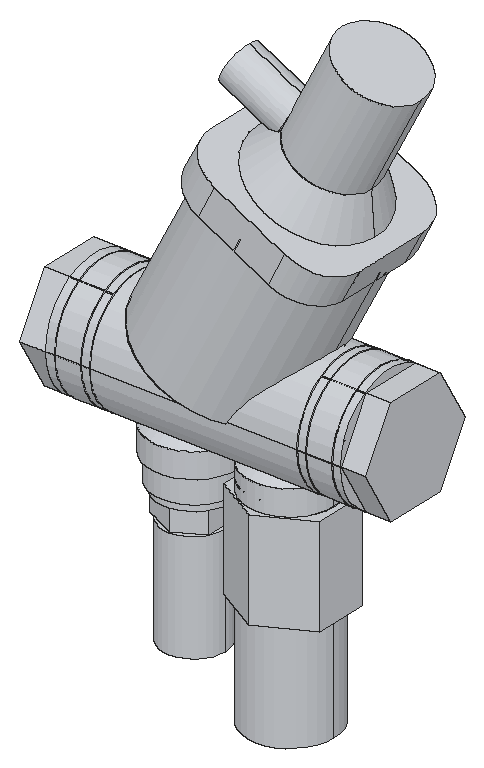
Revit family "PV_Compact_DN020_ 20-60_FF_měř-vyp_RFA_2019", category Pipe Accessories, Revit 2019
Family settings
  Round Connector Dimension = Use Diameter
  Part Type = Valve - Breaks Into
  Work Plane-Based = No
  Always vertical = Yes
  Cut with Voids When Loaded = No
  Shared = No
Parameters (values of type "PV Compact DN20 FF s měřením a vypouštěním (20-60kPa)")
  magiProductId = "6d4e29c475624129ae1d8630218e83"
  magiProductFamilyId = "88c57951ecb64b5d83dd1d4eb8fc72"
  magiPartTypeId = 304
  isMeasuringValve [instance] = no
  ang2D [instance] = 0.00°
  Z7 = 15 mm
  Z6 = 24.6 mm
  Z5 = 57.4 mm
  Z4 = 49.2 mm
  Z3 = 8.2 mm
  Z2 = 41 mm
  XR3 = 30 mm
  XR2 = 25 mm
  XR1 = 13 mm
  W2D = 15 mm
  VersionID = "2.0/2018.12.13.2/FRESE_PV_COMPACT_PLUG_Q13_001"
  Use Minimum Symbol Size [instance] = no
  URL = "www.hydronic.cz"
  Type Comments = "závitový s vnitřním závitem; s měřicí vsuvkou a vypouštěním; PN25; dpmax=450kPa; -10~+120°C"
  R5 = 5 mm
  R4 = 15 mm
  R3 = 10 mm
  R2 = 14 mm
  R1 = 19 mm
  QmdConnectorList = "301;D;302;D"
  Productdata [instance] = ""
  PH__ve = -PH  # -22.4 mm
  PH = 22.4 mm
  NL__ve = -NL  # -15.8 mm
  NL = 15.8 mm
  Manufacturer = "Hydronic Systems Prague s.r.o."
  MC Use Limits From Balancing Method = no
  MC Throttling Minimum Value = 0
  MC Throttling Maximum Value = 0
  MC Product Code = "53-3245 DN20; FF; nastavitelný rozsah dp=20~60kPa; Q=150~2000l/h;  kvs=3,5"
  MC Pressure Drop Minimum Value = 0.0 Pa
  MC Pressure Drop Maximum Value = 0.0 Pa
  MC Piping Given Pressure Drop [instance] = 0.0 Pa
  M5 = 33.7 mm
  M4 = 31.7 mm
  M3 = 25.7 mm
  M2 = 23.7 mm
  LP = 39.5 mm
  LM = 47.4 mm
  LL__ve = -LL  # -5.7 mm
  LLT__ve = -LLT  # -14.9 mm
  LLT = 14.9 mm
  LL2 = 32 mm
  LL = 5.7 mm
  L3 = 11 mm
  L2D_Min = 30.48 mm
  L2D = 65 mm
  Description = "Nastavitelný regulátor tlakové diference"
  DR1 = yes
  DR0 = no
  DL2 = 66 mm
  D = 20 mm
  CenSd_R2_6 = R2 * cos(30.00°)  # 12.124 mm
  CAT0 = yes
  C0D1 = yes
  C0D0 = no
Types (10, lengths in mm): name | magiProductId | Z6 | Z5 | Z4 | Z3 | Z2 | XR3 | XR2 | XR1 | R2 | R1 | PH__ve | PH | NL__ve | NL | MC Product Code | M5 | M4 | M3 | M2 | LP | LM | LL__ve | LLT__ve | LLT | LL2 | LL | L3 | DL2 | D | CenSd_R2_6
  PV Compact DN15 FF s měřením a vypouštěním (20-60kPa) | "ebd4dd38c61a47e78db1b31e427098" | 24.6 | 57.4 | 49.2 | 8.2 | 41 | 30 | 25 | 13 | 14 | 19 | -22.4 | 22.4 | -15 | 15 | "53-3243 DN15; FF; nastavitelný rozsah dp=20~60kPa; Q=100~1000l/h;  kvs=2,9" | 32.5 | 30.5 | 24.5 | 22.5 | 37.5 | 45 | -5.7 | -14.9 | 14.9 | 32 | 5.7 | 11 | 66 | 15 | 12.124
  PV Compact DN15 FF s měřením a vypouštěním ( 5-30kPa) | "1e13aaf8f1b54965adca1ab26bd771" | 24.6 | 57.4 | 49.2 | 8.2 | 41 | 30 | 25 | 13 | 14 | 19 | -22.4 | 22.4 | -15 | 15 | "53-3242 DN15; FF; nastavitelný rozsah dp=5~30kPa; Q=50~600l/h;  kvs=2,9" | 32.5 | 30.5 | 24.5 | 22.5 | 37.5 | 45 | -5.7 | -14.9 | 14.9 | 32 | 5.7 | 11 | 66 | 15 | 12.124
  PV Compact DN20 FF s měřením a vypouštěním (20-60kPa) | "6d4e29c475624129ae1d8630218e83" | 24.6 | 57.4 | 49.2 | 8.2 | 41 | 30 | 25 | 13 | 14 | 19 | -22.4 | 22.4 | -15.8 | 15.8 | "53-3245 DN20; FF; nastavitelný rozsah dp=20~60kPa; Q=150~2000l/h;  kvs=3,5" | 33.7 | 31.7 | 25.7 | 23.7 | 39.5 | 47.4 | -5.7 | -14.9 | 14.9 | 32 | 5.7 | 11 | 66 | 20 | 12.124
  PV Compact DN20 FF s měřením a vypouštěním ( 5-30kPa) | "3c7d936801344d2a9486b3d5f20c15" | 24.6 | 57.4 | 49.2 | 8.2 | 41 | 30 | 25 | 13 | 14 | 19 | -22.4 | 22.4 | -15.8 | 15.8 | "53-3244 DN20; FF; nastavitelný rozsah dp=5~30kPa; Q=100~1000l/h;  kvs=3,5" | 33.7 | 31.7 | 25.7 | 23.7 | 39.5 | 47.4 | -5.7 | -14.9 | 14.9 | 32 | 5.7 | 11 | 66 | 20 | 12.124
  PV Compact DN25 FF s měřením a vypouštěním ( 5-30kPa) | "40b783a088714ff8af367f7ba18a04" | 25.5 | 59.5 | 51 | 8.5 | 42.5 | 30 | 25 | 13 | 14 | 19 | -22.8 | 22.8 | -16.6 | 16.6 | "53-3251 DN25; FF; nastavitelný rozsah dp=5~30kPa; Q=600~2100l/h;  kvs=4,0" | 34.9 | 32.9 | 26.9 | 24.9 | 41.5 | 49.8 | -5.9 | -16.3 | 16.3 | 34 | 5.9 | 11 | 68 | 25 | 12.124
  PV Compact DN25L FF s měřením a vypouštěním (20-80kPa) | "7052257d0cc94620b8f60c4ac85ccd" | 40.2 | 93.8 | 80.4 | 13.4 | 67 | 42.5 | 37.5 | 25.5 | 26.5 | 31.5 | -23.6 | 23.6 | -20 | 20 | "53-3247 DN25; FF; nastavitelný rozsah dp=20~80kPa; Q=750~4200l/h;  kvs=8,7" | 40 | 38 | 32 | 30 | 50 | 60 | -6.3 | -19.1 | 19.1 | 38 | 6.3 | 11 | 72 | 25 | 22.95
  PV Compact DN25L FF s měřením a vypouštěním ( 5-30kPa) | "006ff7ff77e34fd39e52f3f4c37192" | 40.2 | 93.8 | 80.4 | 13.4 | 67 | 42.5 | 37.5 | 25.5 | 26.5 | 31.5 | -23.6 | 23.6 | -20 | 20 | "53-3246 DN25L; FF; nastavitelný rozsah dp=5~30kPa; Q=600~2500l/h;  kvs=8,7" | 40 | 38 | 32 | 30 | 50 | 60 | -6.3 | -19.1 | 19.1 | 38 | 6.3 | 11 | 72 | 25 | 22.95
  PV Compact DN32 FF s měřením a vypouštěním (20-80kPa) | "e53839f5e58040c69ad69dcf8b7122" | 40.2 | 93.8 | 80.4 | 13.4 | 67 | 42.5 | 37.5 | 25.5 | 26.5 | 31.5 | -24.6 | 24.6 | -20.8 | 20.8 | "53-3248 DN32; FF; nastavitelný rozsah dp=20~80kPa; Q=1000~5000l/h;  kvs=10,1" | 41.2 | 39.2 | 33.2 | 31.2 | 52 | 62.4 | -6.8 | -22.6 | 22.6 | 43 | 6.8 | 25 | 77 | 32 | 22.95
  PV Compact DN40 FF s měřením a vypouštěním (20-80kPa) | "edae53f0ee9843aa9c005a0dbc2db4" | 46.8 | 109.2 | 93.6 | 15.6 | 78 | 42.5 | 37.5 | 25.5 | 26.5 | 31.5 | -25.2 | 25.2 | -27.6 | 27.6 | "53-3249 DN40; FF; nastavitelný rozsah dp=20~80kPa; Q=3000~8000l/h;  kvs=15,8" | 51.4 | 49.4 | 43.4 | 41.4 | 69 | 82.8 | -7.1 | -24.7 | 24.7 | 46 | 7.1 | 25 | 80 | 40 | 22.95
  PV Compact DN50 FF s měřením a vypouštěním (20-80kPa) | "7572286e99104aaeaae4a504f9a6dd" | 46.8 | 109.2 | 93.6 | 15.6 | 78 | 42.5 | 37.5 | 25.5 | 35.25 | 31.5 | -26.4 | 26.4 | -27.6 | 27.6 | "53-3250 DN50; FF; nastavitelný rozsah dp=20~80kPa; Q=5000~11500l/h;  kvs=16,2" | 51.4 | 49.4 | 43.4 | 41.4 | 69 | 82.8 | -7.7 | -28.9 | 28.9 | 52 | 7.7 | 25 | 86 | 50 | 30.527
Reference planes
  plane 1 "Center (Front/Back)": y = 0
  plane 2 "XYPLANE": z = 0
  plane 3 "Center (Left/Right)": x = 0
  plane 4 "408": x = 39.5
  plane 5 "407": x = -39.5
  plane 6 "402": z = -66
  plane 7 "213": x = 11
  plane 8 "168": z = -10.9
  plane 9 "167": z = -12.9
  plane 10 "166": z = -18.6
  plane 11 "165": z = -24.3
  plane 12 "164": z = -26.3
  plane 13 "154": z = 0
  plane 14 "152": y = 0
  plane 15 "151": z = -32
  plane 16 "150": x = -11
  plane 17 "75": through (318.218, 0, 679.605) normal (0.891, 0, -0.454)
  plane 18 "74": x = 33.7
  plane 19 "73": x = 31.7
  plane 20 "72": x = 25.7
  plane 21 "71": x = 23.7
  plane 22 "70": x = -33.7
  plane 23 "69": x = -31.7
  plane 24 "68": x = -25.7
  plane 25 "67": y = 0
  plane 26 "66": through (-666.893, 0, 343.166) normal (0.454, 0, 0.891)
  plane 27 "65": x = -23.7
  plane 28 "64": through (335.147, 0, 670.979) normal (0.891, 0, -0.454)
  plane 29 "63": through (-649.641, 0, 377.024) normal (0.454, 0, 0.891)
  plane 30 "62": through (352.076, 0, 662.353) normal (0.891, 0, -0.454)
  plane 31 "61": y = 19
  plane 32 "60": y = -19
  plane 33 "59": through (-645.919, 0, 384.33) normal (0.454, 0, 0.891)
  plane 34 "58": through (-642.196, 0, 391.637) normal (0.454, 0, 0.891)
  plane 35 "57": through (313.763, 0, 681.875) normal (0.891, 0, -0.454)
  plane 36 "56": x = 0
  plane 37 "55": through (-668.255, 0, 340.493) normal (0.454, 0, 0.891)
  plane 38 "102XY": through (-668.255, 0, 340.493) normal (0.454, 0, 0.891)
  plane 39 "102XZ": y = 0
  plane 40 "102YZ": through (340.493, 0, 668.255) normal (0.891, 0, -0.454)
Forms (mm)
  Extrusion 1, solid
    sketch origin (39.5, -750, 0) x (0, 1, 0) y (0, 0, 1)
      loop
        line (764, 0) -> (757, 12.124) -> (743, 12.124) -> (736, 0) -> (743, -12.124) -> (757, -12.124) -> (764, 0)
    from 0 to -15.8 <- "NL__ve"
  Extrusion 2, solid
    sketch origin (-39.5, -750, 0) x (0, 1, 0) y (0, 0, 1)
      loop
        line (736, 0) -> (743, -12.124) -> (757, -12.124) -> (764, 0) -> (757, 12.124) -> (743, 12.124) -> (736, 0)
    from 0 to 15.8 <- "NL"
  Extrusion 3, solid, visible <- "C0D1"
    sketch origin (-750, 0, -66) x (1, 0, 0) y (0, 1, 0)
      loop
        circle (761, 0) r 10
    from 0 to 50
  Extrusion 4, solid, visible <- "DR1"
    sketch origin (-750, 0, -18.6) x (1, 0, 0) y (0, 1, 0)
      loop
        line (761, -12) -> (772.592, -6) -> (772.592, 6) -> (761, 12) -> (750.608, 6) -> (750.608, -6) -> (761, -12)
    from 0 to -22.4 <- "PH__ve"
  Extrusion 5, solid, visible <- "DR1"
    sketch origin (-750, 0, -18.6) x (1, 0, 0) y (0, 1, 0)
      loop
        circle (761, 0) r 10
    from 0 to 5.7 <- "LL"
  Blend 6, solid, visible <- "DR1"
    base sketch origin (-750, 0, -10.9) x (1, 0, 0) y (0, 1, 0)
      loop
        circle (761, 0) r 7.5
    top sketch origin (-750, 0, -10.9) x (1, 0, 0) y (0, 1, 0)
      loop
        circle (761, 0) r 10
    from 0 to -2
  Extrusion 7, solid, visible <- "DR1"
    sketch origin (-750, 0, 0) x (1, 0, 0) y (0, 1, 0)
      loop
        circle (761, 0) r 7.5
    from 0 to -14.9 <- "LLT__ve"
  Extrusion 8, solid, visible <- "C0D0"
    sketch origin (-750, 0, -32) x (1, 0, 0) y (0, 1, 0)
      loop
        circle (761, 0) r 6
    from 0 to -25
  Extrusion 9, solid, visible <- "DR0"
    sketch origin (-750, 0, -26.3) x (1, 0, 0) y (0, 1, 0)
      loop
        line (761, -7) -> (768.262, -3.5) -> (768.262, 3.5) -> (761, 7) -> (754.938, 3.5) -> (754.938, -3.5) -> (761, -7)
    from 0 to -5.7 <- "LL__ve"
  Extrusion 10, solid, visible <- "DR0"
    sketch origin (-750, 0, -26.3) x (1, 0, 0) y (0, 1, 0)
      loop
        circle (761, 0) r 7
    from 0 to 2
  Extrusion 11, solid, visible <- "DR0"
    sketch origin (-750, 0, -18.6) x (1, 0, 0) y (0, 1, 0)
      loop
        circle (761, 0) r 9
    from 0 to 5.7 <- "LL"
  Blend 12, solid, visible <- "DR0"
    base sketch origin (-750, 0, -10.9) x (1, 0, 0) y (0, 1, 0)
      loop
        circle (761, 0) r 6.5
    top sketch origin (-750, 0, -10.9) x (1, 0, 0) y (0, 1, 0)
      loop
        circle (761, 0) r 9
    from 0 to -2
  Extrusion 13, solid, visible <- "DR0"
    sketch origin (-750, 0, 0) x (1, 0, 0) y (0, 1, 0)
      loop
        circle (761, 0) r 6.5
    from 0 to -14.9 <- "LLT__ve"
  Extrusion 14, solid, visible <- "DR0"
    sketch origin (-750, 0, 0) x (1, 0, 0) y (0, 1, 0)
      loop
        circle (761, 0) r 6.5
    from 0 to -14.9 <- "LLT__ve"
  Blend 15, solid, visible <- "DR0"
    base sketch origin (-750, 0, -10.9) x (1, 0, 0) y (0, 1, 0)
      loop
        circle (761, 0) r 6.5
    top sketch origin (-750, 0, -10.9) x (1, 0, 0) y (0, 1, 0)
      loop
        circle (761, 0) r 9
    from 0 to -2
  Extrusion 16, solid, visible <- "DR0"
    sketch origin (-750, 0, -18.6) x (1, 0, 0) y (0, 1, 0)
      loop
        circle (761, 0) r 9
    from 0 to 5.7 <- "LL"
  Extrusion 17, solid, visible <- "DR0"
    sketch origin (-750, 0, -24.3) x (1, 0, 0) y (0, 1, 0)
      loop
        circle (761, 0) r 8
    from 0 to 5.7 <- "LL"
  Extrusion 18, solid, visible <- "DR0"
    sketch origin (-750, 0, -26.3) x (1, 0, 0) y (0, 1, 0)
      loop
        circle (761, 0) r 7
    from 0 to 2
  Extrusion 19, solid, visible <- "DR0"
    sketch origin (-750, 0, -26.3) x (1, 0, 0) y (0, 1, 0)
      loop
        line (761, -7) -> (768.262, -3.5) -> (768.262, 3.5) -> (761, 7) -> (754.938, 3.5) -> (754.938, -3.5) -> (761, -7)
    from 0 to -5.7 <- "LL__ve"
  Extrusion 20, solid, visible <- "C0D0"
    sketch origin (-750, 0, -32) x (1, 0, 0) y (0, 1, 0)
      loop
        circle (761, 0) r 6
    from 0 to -25
  Extrusion 21, solid, visible <- "CAT0"
    sketch origin (-750, 0, -32) x (1, 0, 0) y (0, 1, 0)
      loop
        circle (739, 0) r 7.2
    from 0 to -25
  Extrusion 22, solid
    sketch origin (-750, 0, -26.3) x (1, 0, 0) y (0, 1, 0)
      loop
        line (739, -7) -> (745.062, -3.5) -> (745.062, 3.5) -> (739, 7) -> (731.738, 3.5) -> (731.738, -3.5) -> (739, -7)
    from 0 to -5.7 <- "LL__ve"
  Extrusion 23, solid
    sketch origin (-750, 0, -26.3) x (1, 0, 0) y (0, 1, 0)
      loop
        circle (739, 0) r 8.2
    from 0 to 2
  Extrusion 24, solid
    sketch origin (-750, 0, -24.3) x (1, 0, 0) y (0, 1, 0)
      loop
        circle (739, 0) r 9.2
    from 0 to 5.7 <- "LL"
  Extrusion 25, solid
    sketch origin (-750, 0, -18.6) x (1, 0, 0) y (0, 1, 0)
      loop
        circle (739, 0) r 10.2
    from 0 to 5.7 <- "LL"
  Blend 26, solid
    base sketch origin (-750, 0, -10.9) x (1, 0, 0) y (0, 1, 0)
      loop
        circle (739, 0) r 7.7
    top sketch origin (-750, 0, -10.9) x (1, 0, 0) y (0, 1, 0)
      loop
        circle (739, 0) r 10.2
    from 0 to -2
  Extrusion 27, solid
    sketch origin (-750, 0, 0) x (1, 0, 0) y (0, 1, 0)
      loop
        circle (739, 0) r 7.7
    from 0 to -14.9 <- "LLT__ve"
  Blend 28, solid, visible <- "CAT0"
    base sketch origin (31.7, -750, 0) x (0, 1, 0) y (0, 0, 1)
      loop
        circle (750, 0) r 14
    top sketch origin (31.7, -750, 0) x (0, 1, 0) y (0, 0, 1)
      loop
        circle (750, 0) r 14
    from 0 to 2
  Extrusion 29, solid, visible <- "CAT0"
    sketch origin (25.7, -750, 0) x (0, 1, 0) y (0, 0, 1)
      loop
        circle (750, 0) r 14
    from 0 to 6
  Blend 30, solid, visible <- "CAT0"
    base sketch origin (23.7, -750, 0) x (0, 1, 0) y (0, 0, 1)
      loop
        circle (750, 0) r 14
    top sketch origin (23.7, -750, 0) x (0, 1, 0) y (0, 0, 1)
      loop
        circle (750, 0) r 14
    from 0 to 2
  Blend 31, solid, visible <- "CAT0"
    base sketch origin (-31.7, -750, 0) x (0, 1, 0) y (0, 0, 1)
      loop
        circle (750, 0) r 14
    top sketch origin (-31.7, -750, 0) x (0, 1, 0) y (0, 0, 1)
      loop
        circle (750, 0) r 14
    from 0 to -2
  Extrusion 32, solid, visible <- "CAT0"
    sketch origin (-31.7, -750, 0) x (0, 1, 0) y (0, 0, 1)
      loop
        circle (750, 0) r 14
    from 0 to 6
  Blend 33, solid, visible <- "CAT0"
    base sketch origin (-25.7, -750, 0) x (0, 1, 0) y (0, 0, 1)
      loop
        circle (750, 0) r 14
    top sketch origin (-25.7, -750, 0) x (0, 1, 0) y (0, 0, 1)
      loop
        circle (750, 0) r 14
    from 0 to 2
  Extrusion 34, solid, visible <- "CAT0"
    sketch origin (-23.7, -750, 0) x (0, 1, 0) y (0, 0, 1)
      loop
        circle (750, 0) r 14
    from 0 to 47.4 <- "LM"
  Extrusion 35, solid, visible <- "CAT0"
    sketch origin (-666.893, 0, 343.166) x (0.891007, 0, -0.45399) y (0, 1, 0)
      loop
        circle (744, 0) r 19
    from 0 to 41 <- "Z2"
  Extrusion 36, solid, visible <- "CAT0"
    sketch origin (-649.641, 0, 377.024) x (0.891007, 0, -0.45399) y (0, 1, 0)
      loop
        arc (735, 19) -> (727.929, 16.071) -> (725, 9) r 10
        line (725, 9) -> (725, -9)
        arc (725, -9) -> (727.929, -16.071) -> (735, -19) r 10
        line (735, -19) -> (753, -19)
        arc (753, -19) -> (760.071, -16.071) -> (763, -9) r 10
        line (763, -9) -> (763, 9)
        arc (763, 9) -> (760.071, 16.071) -> (753, 19) r 10
        line (753, 19) -> (735, 19)
    from 0 to 8.2 <- "Z3"
  Blend 37, solid, visible <- "CAT0"
    base sketch origin (-645.919, 0, 384.33) x (0.891007, 0, -0.45399) y (0, 1, 0)
      loop
        circle (744, 0) r 15
    top sketch origin (-645.919, 0, 384.33) x (0.891007, 0, -0.45399) y (0, 1, 0)
      loop
        circle (744, 0) r 10
    from 0 to 8.2
  Extrusion 38, solid, visible <- "CAT0"
    sketch origin (-642.196, 0, 391.637) x (0.891007, 0, -0.45399) y (0, 1, 0)
      loop
        circle (744, 0) r 10
    from 0 to 24.6 <- "Z6"
  Extrusion 39, solid, visible <- "CAT0"
    sketch origin (313.763, 0, 681.875) x (-0.45399, 0, -0.891007) y (0, 1, 0)
      loop
        circle (692.6, 0) r 5
    from 0 to 15 <- "Z7"
  Blend 40, solid, visible <- "CAT0"
    base sketch origin (-668.255, 0, 340.493) x (0.891007, 0, -0.45399) y (0, 1, 0)
      loop
        circle (744, 0) r 15
    top sketch origin (-668.255, 0, 340.493) x (0.891007, 0, -0.45399) y (0, 1, 0)
      loop
        circle (744, 0) r 19
    from 0 to 3
  Extrusion 41, solid, not visible
    sketch origin (-33.7, -750, 0) x (0, 1, 0) y (0, 0, 1)
      loop
        circle (750, 0) r 10
    from 0 to 10
  Extrusion 42, solid, not visible
    sketch origin (33.7, -750, 0) x (0, 1, 0) y (0, 0, 1)
      loop
        circle (750, 0) r 10
    from 0 to -10
Lines and regions (mm)
  reference lines, not visible
    curve 1: circle (2, 2, 0) r 1 normal (0, 0, 1)
  reference lines
    curve 2: line (39.5, 0, 0) -> (39.5, -3.5, 6.062)
    curve 3: line (39.5, 0, 0) -> (39.5, -7, 0)
    curve 4: line (39.5, 0, 0) -> (39.5, -3.5, -6.062)
    curve 5: line (-39.5, 0, 0) -> (-39.5, 3.5, 6.062)
    curve 6: line (-39.5, 0, 0) -> (-39.5, 7, 0)
    curve 7: line (-39.5, 0, 0) -> (-39.5, 3.5, -6.062)
Dimensions and locks
  plane 1 "Center (Front/Back)" to curve 1 = 2 mm
  "LP": plane 36 "56" to plane 4 "408"
  "LP": plane 36 "56" to plane 5 "407"
  "DL2": plane 2 "XYPLANE" to plane 6 "402"
  "L3": plane 3 "Center (Left/Right)" to plane 7 "213"
  locked: plane 9 "167" to plane 8 "168" at 2
  "LL": plane 10 "166" to plane 9 "167"
  "LL": plane 11 "165" to plane 10 "166"
  locked: plane 12 "164" to plane 11 "165" at 2
  "LL": plane 15 "151" to plane 12 "164"
  locked: plane 2 "XYPLANE" to plane 13 "154"
  locked: plane 1 "Center (Front/Back)" to plane 14 "152"
  "LL2": plane 2 "XYPLANE" to plane 15 "151"
  "L3": plane 3 "Center (Left/Right)" to plane 16 "150"
  "XR2": plane 40 "102YZ" to plane 17 "75"
  "M5": plane 3 "Center (Left/Right)" to plane 18 "74"
  "M4": plane 3 "Center (Left/Right)" to plane 19 "73"
  "M3": plane 3 "Center (Left/Right)" to plane 20 "72"
  "M2": plane 3 "Center (Left/Right)" to plane 21 "71"
  "M5": plane 3 "Center (Left/Right)" to plane 22 "70"
  "M4": plane 3 "Center (Left/Right)" to plane 23 "69"
  "M3": plane 3 "Center (Left/Right)" to plane 24 "68"
  locked: plane 14 "152" to plane 25 "67"
  locked: plane 38 "102XY" to plane 26 "66" at 3
  "M2": plane 3 "Center (Left/Right)" to plane 27 "65"
  locked: plane 40 "102YZ" to plane 28 "64" at 6
  "Z2": plane 38 "102XY" to plane 29 "63"
  "XR1": plane 40 "102YZ" to plane 30 "62"
  "R1": plane 14 "152" to plane 31 "61"
  "R1": plane 14 "152" to plane 32 "60"
  "Z4": plane 38 "102XY" to plane 33 "59"
  "Z5": plane 38 "102XY" to plane 34 "58"
  "XR3": plane 40 "102YZ" to plane 35 "57"
  locked: plane 3 "Center (Left/Right)" to plane 36 "56"
  locked: plane 38 "102XY" to plane 37 "55"
  "CenSd_R2_6": curve 2 to Extrusion 1 sketch curve  (x2)
  "CenSd_R2_6": curve 3 to Extrusion 1 sketch curve  (x2)
  "CenSd_R2_6": curve 4 to Extrusion 1 sketch curve  (x2)
  Extrusion 1 sketch curve to Extrusion 1 sketch curve = 0 mm  (x12)
  "CenSd_R2_6": curve 5 to Extrusion 2 sketch curve  (x2)
  "CenSd_R2_6": curve 6 to Extrusion 2 sketch curve  (x2)
  "CenSd_R2_6": curve 7 to Extrusion 2 sketch curve  (x2)
  Extrusion 2 sketch curve to Extrusion 2 sketch curve = 0 mm  (x12)
  Extrusion 4 sketch curve to Extrusion 4 sketch curve = 0 mm  (x12)
  Extrusion 9 sketch curve to Extrusion 9 sketch curve = 0 mm  (x12)
  Extrusion 19 sketch curve to Extrusion 19 sketch curve = 0 mm  (x12)
  Extrusion 22 sketch curve to Extrusion 22 sketch curve = 0 mm  (x12)
  Extrusion 36 sketch curve to Extrusion 36 sketch curve = 0 mm  (x16)
  "R2": radius of Blend 28 sketch curve  (x2)
  "R2": radius of Extrusion 29 sketch curve
  "R2": radius of Blend 30 sketch curve  (x2)
  "R2": radius of Blend 31 sketch curve  (x2)
  "R2": radius of Extrusion 32 sketch curve
  "R2": radius of Blend 33 sketch curve  (x2)
  "R2": radius of Extrusion 34 sketch curve
  "R1": radius of Extrusion 35 sketch curve
  radius of Extrusion 36 sketch curve = 10 mm  (x4)
  "R3": radius of Blend 37 sketch curve
  "R4": radius of Blend 37 sketch curve
  "R3": radius of Extrusion 38 sketch curve
  "R5": radius of Extrusion 39 sketch curve
  "R1": radius of Blend 40 sketch curve
  locked: curve 3 to curve 2 (angle 60.00°)
  locked: curve 4 to curve 3 (angle 60.00°)
  locked: curve 4 to curve 2 (angle 120.00°)
  locked: curve 6 to curve 5 (angle 60.00°)
  locked: curve 7 to curve 6 (angle 60.00°)
  locked: curve 7 to curve 5 (angle 120.00°)
  aligned and locked: level to plane 2 "XYPLANE"
  aligned and locked: plane 13 "154" to curve 4
  aligned and locked: curve 4 to plane 14 "152"
  aligned and locked: plane 13 "154" to curve 7
  aligned and locked: curve 7 to plane 14 "152"
  aligned and locked: plane 7 "213" to Extrusion 3 sketch curve
  aligned and locked: plane 14 "152" to Extrusion 3 sketch curve
  aligned and locked: plane 7 "213" to Extrusion 5 sketch curve
  aligned and locked: plane 14 "152" to Extrusion 5 sketch curve
  aligned and locked: plane 7 "213" to Blend 6 sketch curve  (x2)
  aligned and locked: plane 14 "152" to Blend 6 sketch curve  (x2)
  aligned and locked: Blend 6 to plane 9 "167"
  aligned and locked: plane 7 "213" to Extrusion 7 sketch curve
  aligned and locked: plane 14 "152" to Extrusion 7 sketch curve
  aligned and locked: plane 7 "213" to Extrusion 8 sketch curve
  aligned and locked: plane 14 "152" to Extrusion 8 sketch curve
  aligned and locked: plane 7 "213" to Extrusion 10 sketch curve
  aligned and locked: plane 14 "152" to Extrusion 10 sketch curve
  aligned and locked: plane 7 "213" to Extrusion 11 sketch curve
  aligned and locked: plane 14 "152" to Extrusion 11 sketch curve
  aligned and locked: plane 7 "213" to Blend 12 sketch curve  (x2)
  aligned and locked: plane 14 "152" to Blend 12 sketch curve  (x2)
  aligned and locked: Blend 12 to plane 9 "167"
  aligned and locked: plane 7 "213" to Extrusion 13 sketch curve
  aligned and locked: plane 14 "152" to Extrusion 13 sketch curve
  aligned and locked: plane 7 "213" to Extrusion 14 sketch curve
  aligned and locked: plane 14 "152" to Extrusion 14 sketch curve
  aligned and locked: plane 7 "213" to Blend 15 sketch curve  (x2)
  aligned and locked: plane 14 "152" to Blend 15 sketch curve  (x2)
  aligned and locked: Blend 15 to plane 9 "167"
  aligned and locked: plane 7 "213" to Extrusion 16 sketch curve
  aligned and locked: plane 14 "152" to Extrusion 16 sketch curve
  aligned and locked: plane 7 "213" to Extrusion 17 sketch curve
  aligned and locked: plane 14 "152" to Extrusion 17 sketch curve
  aligned and locked: plane 7 "213" to Extrusion 18 sketch curve
  aligned and locked: plane 14 "152" to Extrusion 18 sketch curve
  aligned and locked: plane 7 "213" to Extrusion 20 sketch curve
  aligned and locked: plane 14 "152" to Extrusion 20 sketch curve
  aligned and locked: plane 14 "152" to Extrusion 21 sketch curve
  aligned and locked: plane 16 "150" to Extrusion 21 sketch curve
  aligned and locked: plane 14 "152" to Extrusion 23 sketch curve
  aligned and locked: plane 16 "150" to Extrusion 23 sketch curve
  aligned and locked: plane 14 "152" to Extrusion 24 sketch curve
  aligned and locked: plane 16 "150" to Extrusion 24 sketch curve
  aligned and locked: plane 14 "152" to Extrusion 25 sketch curve
  aligned and locked: plane 16 "150" to Extrusion 25 sketch curve
  aligned and locked: plane 14 "152" to Blend 26 sketch curve  (x2)
  aligned and locked: plane 16 "150" to Blend 26 sketch curve  (x2)
  aligned and locked: Blend 26 to plane 9 "167"
  aligned and locked: plane 14 "152" to Extrusion 27 sketch curve
  aligned and locked: plane 16 "150" to Extrusion 27 sketch curve
  aligned and locked: plane 13 "154" to Blend 28 sketch curve  (x2)
  aligned and locked: Blend 28 sketch curve to plane 14 "152"  (x2)
  aligned and locked: plane 18 "74" to Blend 28
  aligned and locked: plane 13 "154" to Extrusion 29 sketch curve
  aligned and locked: Extrusion 29 sketch curve to plane 14 "152"
  aligned and locked: plane 13 "154" to Blend 30 sketch curve  (x2)
  aligned and locked: Blend 30 sketch curve to plane 14 "152"  (x2)
  aligned and locked: plane 20 "72" to Blend 30
  aligned and locked: plane 13 "154" to Blend 31 sketch curve  (x2)
  aligned and locked: Blend 31 sketch curve to plane 14 "152"  (x2)
  aligned and locked: Blend 31 to plane 22 "70"
  aligned and locked: plane 13 "154" to Extrusion 32 sketch curve
  aligned and locked: Extrusion 32 sketch curve to plane 14 "152"
  aligned and locked: plane 13 "154" to Blend 33 sketch curve  (x2)
  aligned and locked: Blend 33 sketch curve to plane 14 "152"  (x2)
  aligned and locked: plane 27 "65" to Blend 33
  aligned and locked: plane 13 "154" to Extrusion 34 sketch curve
  aligned and locked: Extrusion 34 sketch curve to plane 14 "152"
  aligned and locked: plane 25 "67" to Extrusion 35 sketch curve
  aligned and locked: Extrusion 35 sketch curve to plane 28 "64"
  aligned and locked: Extrusion 36 sketch curve to plane 17 "75"
  aligned and locked: Extrusion 36 sketch curve to plane 32 "60"
  aligned and locked: Extrusion 36 sketch curve to plane 30 "62"
  aligned and locked: plane 31 "61" to Extrusion 36 sketch curve
  aligned and locked: plane 25 "67" to Blend 37 sketch curve  (x2)
  aligned and locked: Blend 37 sketch curve to plane 28 "64"  (x2)
  aligned and locked: plane 34 "58" to Blend 37
  aligned and locked: plane 25 "67" to Extrusion 38 sketch curve
  aligned and locked: Extrusion 38 sketch curve to plane 28 "64"
  aligned and locked: plane 25 "67" to Extrusion 39 sketch curve
  aligned and locked: plane 34 "58" to Extrusion 39 sketch curve
  aligned and locked: plane 25 "67" to Blend 40 sketch curve  (x2)
  aligned and locked: Blend 40 sketch curve to plane 28 "64"  (x2)
  aligned and locked: plane 26 "66" to Blend 40
  aligned and locked: plane 13 "154" to Extrusion 41 sketch curve
  aligned and locked: Extrusion 41 sketch curve to plane 14 "152"
  aligned and locked: plane 13 "154" to Extrusion 42 sketch curve
  aligned and locked: Extrusion 42 sketch curve to plane 14 "152"
Automatic sketch dimensions
  plane 3 "Center (Left/Right)" to Extrusion 3 sketch curve = 1 mm
  Extrusion 4 sketch curve to plane 7 "213" = 0 mm  (x2)
  plane 3 "Center (Left/Right)" to Extrusion 4 sketch curve = 0.608 mm
  Extrusion 4 sketch curve to plane 21 "71" = 1.108 mm
  plane 32 "60" to Extrusion 4 sketch curve = 7 mm
  plane 1 "Center (Front/Back)" to Extrusion 4 sketch curve = 6 mm  (x2)
  Extrusion 4 sketch curve to plane 1 "Center (Front/Back)" = 6 mm  (x2)
  Extrusion 4 sketch curve to plane 31 "61" = 7 mm
  plane 3 "Center (Left/Right)" to Extrusion 5 sketch curve = 1 mm
  plane 3 "Center (Left/Right)" to Blend 6 sketch curve = 3.5 mm
  plane 3 "Center (Left/Right)" to Blend 6 sketch curve = 1 mm
  plane 3 "Center (Left/Right)" to Extrusion 7 sketch curve = 3.5 mm
  plane 3 "Center (Left/Right)" to Extrusion 8 sketch curve = 5 mm
  Extrusion 9 sketch curve to plane 7 "213" = 0 mm  (x2)
  plane 3 "Center (Left/Right)" to Extrusion 9 sketch curve = 4.938 mm
  Extrusion 9 sketch curve to plane 21 "71" = 5.438 mm
  plane 1 "Center (Front/Back)" to Extrusion 9 sketch curve = 7 mm
  plane 1 "Center (Front/Back)" to Extrusion 9 sketch curve = 3.5 mm  (x2)
  Extrusion 9 sketch curve to plane 1 "Center (Front/Back)" = 3.5 mm  (x2)
  Extrusion 9 sketch curve to Extrusion 9 sketch curve = 3.5 mm
  plane 3 "Center (Left/Right)" to Extrusion 10 sketch curve = 4 mm
  plane 3 "Center (Left/Right)" to Extrusion 11 sketch curve = 2 mm
  plane 3 "Center (Left/Right)" to Blend 12 sketch curve = 4.5 mm
  plane 3 "Center (Left/Right)" to Blend 12 sketch curve = 2 mm
  plane 3 "Center (Left/Right)" to Extrusion 13 sketch curve = 4.5 mm
  plane 3 "Center (Left/Right)" to Extrusion 14 sketch curve = 4.5 mm
  plane 3 "Center (Left/Right)" to Blend 15 sketch curve = 4.5 mm
  plane 3 "Center (Left/Right)" to Blend 15 sketch curve = 2 mm
  plane 3 "Center (Left/Right)" to Extrusion 16 sketch curve = 2 mm
  plane 3 "Center (Left/Right)" to Extrusion 17 sketch curve = 3 mm
  plane 3 "Center (Left/Right)" to Extrusion 18 sketch curve = 4 mm
  Extrusion 19 sketch curve to plane 7 "213" = 0 mm  (x2)
  plane 3 "Center (Left/Right)" to Extrusion 19 sketch curve = 4.938 mm
  Extrusion 19 sketch curve to plane 21 "71" = 5.438 mm
  plane 1 "Center (Front/Back)" to Extrusion 19 sketch curve = 7 mm
  plane 1 "Center (Front/Back)" to Extrusion 19 sketch curve = 3.5 mm  (x2)
  Extrusion 19 sketch curve to plane 1 "Center (Front/Back)" = 3.5 mm  (x2)
  Extrusion 19 sketch curve to Extrusion 19 sketch curve = 3.5 mm
  plane 3 "Center (Left/Right)" to Extrusion 20 sketch curve = 5 mm
  plane 27 "65" to Extrusion 21 sketch curve = 5.5 mm
  Extrusion 22 sketch curve to plane 16 "150" = 0 mm  (x2)
  plane 27 "65" to Extrusion 22 sketch curve = 5.438 mm
  Extrusion 22 sketch curve to plane 3 "Center (Left/Right)" = 4.938 mm
  plane 1 "Center (Front/Back)" to Extrusion 22 sketch curve = 7 mm
  plane 1 "Center (Front/Back)" to Extrusion 22 sketch curve = 3.5 mm  (x2)
  Extrusion 22 sketch curve to plane 1 "Center (Front/Back)" = 3.5 mm  (x2)
  Extrusion 22 sketch curve to Extrusion 22 sketch curve = 3.5 mm
  plane 27 "65" to Extrusion 23 sketch curve = 4.5 mm
  plane 27 "65" to Extrusion 24 sketch curve = 3.5 mm
  plane 27 "65" to Extrusion 25 sketch curve = 2.5 mm
  plane 27 "65" to Blend 26 sketch curve = 5 mm
  plane 27 "65" to Blend 26 sketch curve = 2.5 mm
  plane 27 "65" to Extrusion 27 sketch curve = 5 mm
  plane 17 "75" to Blend 40 sketch curve = 4 mm
  plane 32 "60" to Extrusion 41 sketch curve = 9 mm
  plane 32 "60" to Extrusion 42 sketch curve = 9 mm
  plane 3 "Center (Left/Right)" to curve 1 = 2 mm
  radius of curve 1 = 1 mm
Connectors
  piping at (-33.7, 0, 0), diameter 20, driven by "D"
    settings: on Extrusion 41, index 1, connector inside diameter 609.6 mm, connector length 0 mm, flow factor 0, pipe flow 0.0 L/s, pressure drop 0.0 Pa, fitting loss kfactor 0, connector angle 0.00°, fixture units 0, engagement length 0 mm, angle of deflection 0.00°, flow configuration 0, flow direction 0, fitting loss method 0, system type 29, joint type 0, gender type 0, connector reference index 2, connector utility 0, adjustable connector no, is connector primary yes, connector description ""
  piping at (33.7, 0, 0), diameter 20, driven by "D"
    settings: on Extrusion 42, index 2, connector inside diameter 609.6 mm, connector length 0 mm, flow factor 0, pipe flow 0.0 L/s, pressure drop 0.0 Pa, fitting loss kfactor 0, connector angle 0.00°, fixture units 0, engagement length 0 mm, angle of deflection 0.00°, flow configuration 0, flow direction 0, fitting loss method 0, system type 29, joint type 0, gender type 0, connector reference index 1, connector utility 0, adjustable connector no, is connector primary no, connector description ""
